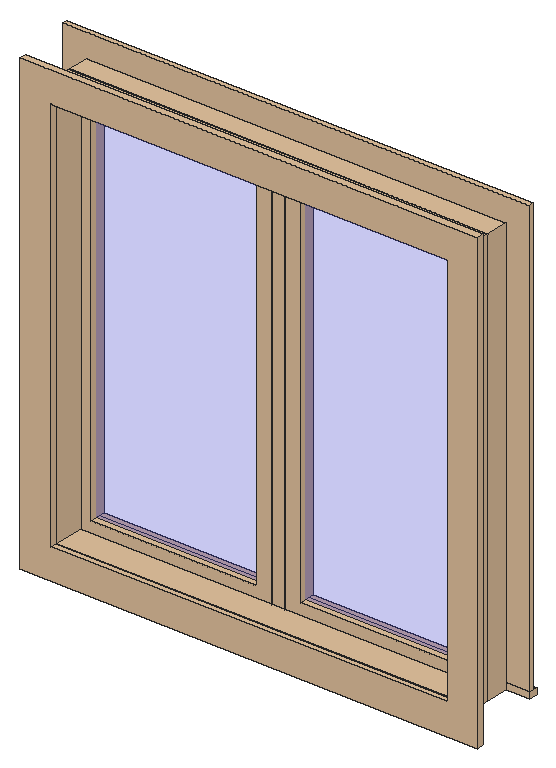
Revit family
Parameters (values of type "48" x 48"")
  Assembly Code = "B2020100"
  Glass Pane Material = Glass
  Height = 4' - 0"
  Sash Material = Sash
  Default Sill Height = 3' - 0"
  Trim Exterior Material = Trim
  Trim Interior Material = Trim
  Trim Projection - Ext. = 0' - 0 1/2"
  Trim Projection - Int. = 0' - 0 3/4"
  Trim Width - Exterior = 0' - 3 1/2"
  Trim Width - Interior = 0' - 3 1/2"
  Wall Closure = (empty or 0)
  Width = 4' - 0"
  Window Inset = 0' - 0 3/4"
Types (4): name | Height | Default Sill Height | Width
  (no name) | 4' - 0" | 3' - 0" | 4' - 0"
  48" x 48" | 4' - 0" | 3' - 0" | 4' - 0"
  72" x 36" | 3' - 0" | 4' - 0" | 6' - 0"
  32" x 48" | 4' - 0" | 3' - 0" | 2' - 8"
Reference planes (in)
  plane 1: y = 0
  plane 2: z = 0
  plane 3 "Center": x = 0
  plane 4 "Left": x = -24
  plane 5 "Right": x = 24
  plane 6 "Sill": z = 36
  plane 7 "Top": z = 84
  plane 8: y = 3.75
  plane 9: y = -2.25
  plane 10: y = 3
  plane 11 "Top": z = 60
  plane 12: x = -22.75
  plane 13: x = -26.75
  plane 14: x = -26.25
  plane 15: x = 22.75
  plane 16: x = 26.75
  plane 17: x = 26.25
  plane 18: x = 23.25
  plane 19: x = -23.25
  plane 20: z = 86.75
  plane 21: z = 86.25
  plane 22: z = 83.25
  plane 23: z = 82.75
  plane 24: z = 37.25
  plane 25: z = 33.75
  plane 26 "Closure": y = 1.875
Forms (in)
  Extrusion 1, solid, material "Sash" <- "Sash Material"
    sketch origin (0, 0, 0) x (1, 0, 0) y (0, 0, 1)
      loop
        line (-24, 84) -> (-24, 36) -> (24, 36) -> (24, 84) -> (-24, 84)
      loop
        line (-23.25, 83.25) -> (-23.25, 36.75) -> (23.25, 36.75) -> (23.25, 83.25) -> (-23.25, 83.25)
    from -3.75 to -1.25
  Extrusion 2, solid, material "Sash" <- "Sash Material"
    sketch origin (0, 0, 0) x (-1, 0, 0) y (0, 0, 1)
      loop
        line (-24, 84) -> (-24, 36) -> (24, 36) -> (24, 84) -> (-24, 84)
      loop
        line (-22.75, 82.75) -> (-22.75, 37.25) -> (22.75, 37.25) -> (22.75, 82.75) -> (-22.75, 82.75)
    from 1.25 to -2.25
  Extrusion 3, solid, material "Sash" <- "Sash Material"
    sketch origin (0, 0, 0) x (-1, 0, 0) y (0, 0, 1)
      loop
        line (0.75, 83.25) -> (0.75, 36.75) -> (23.25, 36.75) -> (23.25, 83.25) -> (0.75, 83.25)
      loop
        line (2.5, 81.5) -> (2.5, 38.5) -> (21.5, 38.5) -> (21.5, 81.5) -> (2.5, 81.5)
    from 1.25 to 3
  Extrusion 4, solid, material "Glass" <- "Glass Pane Material"
    sketch origin (-4.9201, 0, -4.60771) x (1, 0, 0) y (0, 0, 1)
      loop
        line (-16.5799, 86.10771) -> (-16.5799, 43.10771) -> (2.4201, 43.10771) -> (2.4201, 86.10771) -> (-16.5799, 86.10771)
    from -2.375 to -1.875
  Extrusion 5, solid, material "Trim" <- "Trim Interior Material"
    sketch origin (0, 0, 0) x (1, 0, 0) y (0, 0, 1)
      loop
        line (-22.75, 82.75) -> (-22.75, 37.25) -> (22.75, 37.25) -> (22.75, 82.75) -> (-22.75, 82.75)
      loop
        line (-26.25, 86.25) -> (-26.25, 33.75) -> (26.25, 33.75) -> (26.25, 86.25) -> (-26.25, 86.25)
    from 2.25 to 3
  Extrusion 6, solid, material "Trim" <- "Trim Exterior Material"
    sketch origin (0, 0, 0) x (-1, 0, 0) y (0, 0, 1)
      loop
        line (-23.25, 83.25) -> (23.25, 83.25) -> (23.25, 36.75) -> (26.75, 36.75) -> (26.75, 86.75) -> (-26.75, 86.75) -> (-26.75, 36.75) -> (-23.25, 36.75) -> (-23.25, 83.25)
    from 3.75 to 4.25
  Extrusion 7, solid, material "Trim" <- "Trim Exterior Material"
    sketch origin (0, 0, 0) x (-1, 0, 0) y (0, 0, 1)
      loop
        line (-26.75, 36.75) -> (-26.75, 36) -> (26.75, 36) -> (26.75, 36.75) -> (-26.75, 36.75)
    from 3.75 to 4.75
  Extrusion 8, solid, material "Sash" <- "Sash Material"
    sketch origin (0, 0, 0) x (1, 0, 0) y (0, 0, 1)
      loop
        line (-0.75, 83.25) -> (-0.75, 36.75) -> (0.75, 36.75) -> (0.75, 83.25) -> (-0.75, 83.25)
    from -3.75 to -1.25
  Extrusion 9, solid, material "Sash" <- "Sash Material"
    sketch origin (0, 0, 0) x (-1, 0, 0) y (0, 0, 1)
      loop
        line (-23.25, 83.25) -> (-23.25, 36.75) -> (-0.75, 36.75) -> (-0.75, 83.25) -> (-23.25, 83.25)
      loop
        line (-21.5, 81.5) -> (-21.5, 38.5) -> (-2.5, 38.5) -> (-2.5, 81.5) -> (-21.5, 81.5)
    from 1.25 to 3
  Extrusion 10, solid, material "Glass" <- "Glass Pane Material"
    sketch origin (0, 0, 0) x (-1, 0, 0) y (0, 0, 1)
      loop
        line (-21.5, 81.5) -> (-21.5, 38.5) -> (-2.5, 38.5) -> (-2.5, 81.5) -> (-21.5, 81.5)
    from 1.875 to 2.375
Lines and regions (in)
  Opening 1
    outline origin (-60, -2.25, 0) x (1, 0, 0) y (0, 0, 1)
      loop
        line (36, 84) -> (36, 36) -> (84, 36) -> (84, 84) -> (36, 84)
  symbolic lines, style "WindowsFrameMullionProjection"
    curve 1: line (-24, 3.75, 0) -> (-23.25, 3.75, 0)
    curve 2: line (-23.25, 1.25, 0) -> (-23.25, 3.75, 0)
    curve 3: line (-23.25, 1.25, 0) -> (-22.75, 1.25, 0)
    curve 4: line (-22.75, -2.25, 0) -> (-22.75, 1.25, 0)
    curve 5: line (24, 3.75, 0) -> (23.25, 3.75, 0)
    curve 6: line (22.75, 1.25, 0) -> (22.75, -2.25, 0)
    curve 7: line (23.25, 1.25, 0) -> (23.25, 3.75, 0)
    curve 8: line (-23.25, 3, 0) -> (-21.5, 3, 0)
    curve 9: line (-23.25, 3, 0) -> (-23.25, 1.25, 0)
    curve 10: line (-23.25, 1.25, 0) -> (-21.5, 1.25, 0)
    curve 11: line (-21.5, 3, 0) -> (-21.5, 1.25, 0)
    curve 12: line (23.25, 3, 0) -> (21.5, 3, 0)
    curve 13: line (23.25, 3, 0) -> (23.25, 1.25, 0)
    curve 14: line (23.25, 1.25, 0) -> (21.5, 1.25, 0)
    curve 15: line (21.5, 3, 0) -> (21.5, 1.25, 0)
    curve 19: line (-22.75, -2.25, 0) -> (-24, -2.25, 0)
    curve 20: line (22.75, -2.25, 0) -> (24, -2.25, 0)
    curve 23: line (-0.75, 3.75, 0) -> (0.75, 3.75, 0)
    curve 24: line (-0.75, 3.75, 0) -> (-0.75, 1.25, 0)
    curve 25: line (-0.75, 1.25, 0) -> (0.75, 1.25, 0)
    curve 26: line (0.75, 3.75, 0) -> (0.75, 1.25, 0)
    curve 27: line (-2.5, 3, 0) -> (-0.75, 3, 0)
    curve 28: line (-2.5, 3, 0) -> (-2.5, 1.25, 0)
    curve 29: line (-2.5, 1.25, 0) -> (-0.75, 1.25, 0)
    curve 30: line (-0.75, 3, 0) -> (-0.75, 1.25, 0)
    curve 31: line (2.5, 3, 0) -> (0.75, 3, 0)
    curve 32: line (2.5, 3, 0) -> (2.5, 1.25, 0)
    curve 33: line (2.5, 1.25, 0) -> (0.75, 1.25, 0)
    curve 34: line (0.75, 3, 0) -> (0.75, 1.25, 0)
  symbolic lines, style "WindowsGlassProjection"
    curve 16: line (-21.5, 2.125, 0) -> (-2.5, 2.125, 0)
    curve 35: line (2.5, 2.125, 0) -> (21.5, 2.125, 0)
  symbolic lines, style "Elevation Swing"
    curve 17: line (2.5, 1.25, 38.5) -> (21.5, 1.25, 59.86897)
    curve 18: line (21.5, 1.25, 59.86897) -> (2.5, 1.25, 81.5)
    curve 21: line (-2.5, 1.25, 81.5) -> (-21.5, 1.25, 60.13103)
    curve 22: line (-21.5, 1.25, 60.13103) -> (-2.5, 1.25, 38.5)
Text (in)
  text "EXTERIOR" at (-56.58296, 30.41546, 0), in view "Floor Line"
  text "INTERIOR" at (-56.58296, -26.23388, 0), in view "Floor Line"
  text "Exterior" at (0, 43.65631, 134.44969), in view "Left"
  text "Exterior" at (0, 18.29385, 125.04747), in view "Right"
Dimensions and locks (in)
  equal spacing: plane 4 "Left", plane 3 "Center", plane 5 "Right"
  "Width": plane 4 "Left" to plane 5 "Right"
  plane 2 to plane 25 to plane 6 "Sill" to plane 11 "Top" to plane 7 "Top" = 2' - 9 3/4", 0' - 2 1/4", 2' - 0", 2' - 0"
  "Window Inset": plane 8 to plane 10
  locked: plane 10 to Extrusion 3 at 1.75
  locked: plane 10 to Extrusion 4 at 0.625
  locked: Extrusion 4 to Extrusion 4 at 0.5
  "Trim Projection - Int.": Extrusion 5 to Extrusion 5
  equal spacing: plane 6 "Sill", plane 11 "Top", plane 7 "Top"
  locked: Extrusion 7 to Extrusion 6 at 0.5
  "Trim Projection - Ext.": Extrusion 6 to Extrusion 6
  locked: Extrusion 10 to Extrusion 9 at 0.625
  locked: Extrusion 10 to Extrusion 10 at 0.5
  locked: Extrusion 9 to Extrusion 8 at 0.75
  locked: plane 4 "Left" to plane 19 at 0.75
  locked: plane 18 to plane 5 "Right" at 0.75
  locked: plane 15 to plane 5 "Right" at 1.25
  locked: plane 4 "Left" to plane 12 at 1.25
  locked: plane 22 to plane 7 "Top" at 0.75
  "Trim Width - Exterior": plane 22 to plane 20
  "Trim Width - Exterior": plane 18 to plane 16
  "Trim Width - Exterior": plane 13 to plane 19
  locked: plane 7 "Top" to plane 23 at 1.25
  locked: plane 24 to plane 6 "Sill" at 1.25
  "Trim Width - Interior": plane 21 to plane 23
  "Trim Width - Interior": plane 24 to plane 25
  "Trim Width - Interior": plane 14 to plane 12
  "Trim Width - Interior": plane 15 to plane 17
  locked: Extrusion 7 sketch curve to Extrusion 7 sketch curve at 0.75
  "Height": plane 7 "Top" to plane 6 "Sill"
  "Default Sill Height": plane 6 "Sill" to plane 2
  locked: plane 26 "Closure" to plane 10 at 1.125
  aligned and locked: plane 7 "Top" to Opening 1 sketch curve
  aligned and locked: plane 6 "Sill" to Opening 1 sketch curve  (x2)
  aligned and locked: plane 5 "Right" to Opening 1 sketch curve
  aligned and locked: plane 4 "Left" to Opening 1 sketch curve
  aligned and locked: plane 9 to host wall
  aligned and locked: host wall to Extrusion 2
  aligned and locked: plane 10 to Extrusion 3
  aligned and locked: plane 8 to host wall
  aligned and locked: host wall to Extrusion 1
  aligned and locked: Extrusion 2 to Extrusion 1
  aligned and locked: Extrusion 1 to Extrusion 3
  aligned and locked: Extrusion 4 sketch curve to Extrusion 3  (x4)
  aligned and locked: Extrusion 1 to curve 10
  aligned and locked: Extrusion 5 sketch curve to Extrusion 2  (x4)
  aligned and locked: Extrusion 5 to host wall
  aligned and locked: Extrusion 7 sketch curve to Extrusion 6  (x2)
  aligned and locked: Extrusion 6 to host wall
  aligned and locked: Extrusion 7 to host wall
  aligned and locked: Extrusion 1 to Extrusion 8 sketch curve  (x2)
  aligned and locked: Extrusion 3 sketch curve to Extrusion 8
  aligned and locked: Extrusion 9 sketch curve to Extrusion 1  (x2)
  aligned and locked: Extrusion 9 sketch curve to Extrusion 8  (x2)
  aligned and locked: Extrusion 1 to Extrusion 8
  aligned and locked: Extrusion 9 to Extrusion 3
  aligned and locked: Extrusion 1 to Extrusion 9
  aligned and locked: Extrusion 10 sketch curve to Extrusion 9  (x4)
  aligned and locked: Extrusion 4 to Extrusion 10
  aligned and locked: curve 17 to Extrusion 9
  aligned and locked: Extrusion 9 to curve 17
  aligned and locked: curve 23 to Extrusion 8  (x2)
  aligned and locked: curve 26 to Extrusion 8  (x2)
  aligned and locked: curve 16 to curve 35
  aligned and locked: curve 15 to Extrusion 9
  aligned and locked: Extrusion 1 to curve 13
  aligned and locked: Extrusion 2 to curve 6
  aligned and locked: curve 7 to Extrusion 1
  aligned and locked: Extrusion 2 to curve 20
  aligned and locked: curve 11 to Extrusion 3
  aligned and locked: curve 9 to Extrusion 3
  aligned and locked: curve 2 to Extrusion 1
  aligned and locked: curve 1 to Extrusion 1
  aligned and locked: curve 14 to Extrusion 1
Automatic sketch dimensions
  Extrusion 1 sketch curve to plane 4 "Left" = 0' - 0"
  Extrusion 1 sketch curve to plane 5 "Right" = 0' - 0"
  Extrusion 1 sketch curve to plane 4 "Left" = 0' - 0 3/4"
  plane 5 "Right" to Extrusion 1 sketch curve = 0' - 0 3/4"
  Extrusion 1 sketch curve to plane 6 "Sill" = 0' - 0"
  Extrusion 1 sketch curve to plane 7 "Top" = 0' - 0"
  Extrusion 1 sketch curve to plane 6 "Sill" = 0' - 0 3/4"
  plane 7 "Top" to Extrusion 1 sketch curve = 0' - 0 3/4"
  Extrusion 2 sketch curve to plane 5 "Right" = 0' - 0"
  Extrusion 2 sketch curve to plane 4 "Left" = 0' - 0"
  plane 5 "Right" to Extrusion 2 sketch curve = 0' - 1 1/4"
  Extrusion 2 sketch curve to plane 4 "Left" = 0' - 1 1/4"
  Extrusion 2 sketch curve to plane 6 "Sill" = 0' - 0"
  Extrusion 2 sketch curve to plane 7 "Top" = 0' - 0"
  Extrusion 2 sketch curve to plane 6 "Sill" = 0' - 1 1/4"
  plane 7 "Top" to Extrusion 2 sketch curve = 0' - 1 1/4"
  Extrusion 8 sketch curve to plane 3 "Center" = 0' - 0 3/4"
  plane 3 "Center" to Extrusion 8 sketch curve = 0' - 0 3/4"
  Extrusion 3 sketch curve to Extrusion 3 sketch curve = 0' - 1 3/4"  (x2)
  Extrusion 3 sketch curve to plane 4 "Left" = 0' - 2 1/2"
  Extrusion 3 sketch curve to plane 4 "Left" = 0' - 0 3/4"
  Extrusion 3 sketch curve to plane 6 "Sill" = 0' - 0 3/4"
  plane 7 "Top" to Extrusion 3 sketch curve = 0' - 2 1/2"
  plane 7 "Top" to Extrusion 3 sketch curve = 0' - 0 3/4"
  plane 5 "Right" to Extrusion 9 sketch curve = 0' - 2 1/2"
  plane 3 "Center" to Extrusion 9 sketch curve = 0' - 2 1/2"
  Extrusion 9 sketch curve to plane 6 "Sill" = 0' - 2 1/2"
  plane 7 "Top" to Extrusion 9 sketch curve = 0' - 2 1/2"
  plane 3 "Center" to curve 17 = 0' - 2 1/2"
  plane 3 "Center" to curve 18 = 0' - 2 1/2"
  Extrusion 7 sketch curve to plane 13 = 0' - 0"
  Extrusion 5 sketch curve to plane 14 = 0' - 0"
  Extrusion 5 sketch curve to plane 17 = 0' - 0"
  Extrusion 5 sketch curve to plane 25 = 0' - 0"
  Extrusion 5 sketch curve to plane 21 = 0' - 0"
  Extrusion 6 sketch curve to plane 16 = 0' - 0"
  Extrusion 6 sketch curve to plane 18 = 0' - 0"
  Extrusion 6 sketch curve to plane 19 = 0' - 0"
  Extrusion 6 sketch curve to plane 13 = 0' - 0"
  Extrusion 6 sketch curve to plane 22 = 0' - 0"
  Extrusion 6 sketch curve to plane 20 = 0' - 0"
  Extrusion 6 sketch curve to plane 6 "Sill" = 0' - 0 3/4"  (x2)
  curve 1 to plane 4 "Left" = 0' - 0"
  curve 19 to host wall = 0' - 0"
  curve 19 to plane 4 "Left" = 0' - 0"
  curve 3 to plane 12 = 0' - 0"
  curve 28 to plane 10 = 0' - 0"
  curve 32 to plane 10 = 0' - 0"
  curve 5 to host wall = 0' - 0"
  curve 5 to plane 5 "Right" = 0' - 0"
  curve 20 to plane 5 "Right" = 0' - 0"
  curve 12 to plane 10 = 0' - 0"
  curve 8 to plane 10 = 0' - 0"
  curve 28 to curve 24 = 0' - 1 3/4"
  curve 35 to plane 10 = 0' - 0 7/8"
  curve 25 to curve 35 = 0' - 1 3/4"
  plane 23 to curve 21 = 0' - 1 1/4"
  curve 21 to plane 11 "Top" = 0' - 0.13103"
  curve 21 to plane 3 "Center" = 0' - 2 1/2"
  curve 21 to plane 12 = 0' - 1 1/4"
  curve 22 to plane 24 = 0' - 1 1/4"
  curve 22 to plane 3 "Center" = 0' - 2 1/2"
  plane 23 to curve 18 = 0' - 1 1/4"
  plane 11 "Top" to curve 18 = 0' - 0.13103"
